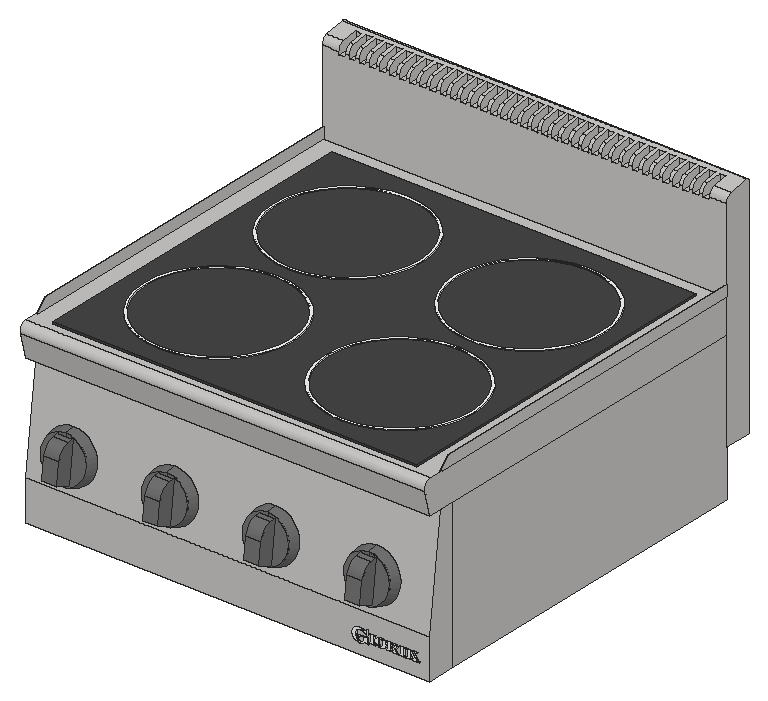
Revit family "QF_GIORIK_LPV6741", category Specialty Equipment, Revit 2014
Parameters (values of type "LPV6741")
  Weight in Pounds = 46.297
  Watts = 8000 W
  Volts = 230 V
  URL Cutsheet = "www.giorik.com"
  URL = "www.giorik.com"
  Status [instance] = ""
  Specification by User [instance] = ""
  Specification by Manufacturer = ""
  Show Logo [instance] = yes
  Show Clearance [instance] = yes
  Serial Number = ""
  Seismic Rating = ""
  SMACNA No = ""
  Revision Code [instance] = ""
  Phase = 1
  Number of Poles [instance] = 1
  NAFEM Spec ID Number = ""
  Model = "LPV6741"
  Min Ckt Ampacity = 0 A
  Max Overcurrent Protection = 0 A
  Masterspec = ""
  Manufacturer = "GIORIK"
  Item Number [instance] = ""
  Installed By [instance] = ""
  Identify Quantity as Lot [instance] = no
  HP = "10.728160000000"
  Furnished By [instance] = ""
  Foodservice Equipment Identifier [instance] = yes
  FL Amps = 0 A
  Electrical Remarks [instance] = ""
  Electric Connection Type [instance] = ""
  Elec Conn RI Height [instance] = 0 mm
  Elec Conn Connection Height [instance] = 45 mm
  Description = "VITROCERAMIC COOKING TOP 4 PLATES (220V)"
  Cycle = 50 Hz
  Conn Plug = ""
  CSI MasterFormat = ""
  Assembly Code = "E1090320"
  Apparent Power = 8000 VA
Reference planes
  plane 1 "Back": y = 0
  plane 2: z = 0
  plane 3 "Left": x = 0
  plane 4 "Right": x = 600
  plane 5 "Front": y = -600
  plane 6 "Top": z = 430
Forms (mm)
  Extrusion 1, solid
    sketch origin (0, 1000, -580) x (0, 1, 0) y (0, 0, 1)
      loop
        line (-1040.007, 869.975) -> (-1589.445, 869.975)
        arc (-1589.445, 869.975) -> (-1598.171, 865.672) -> (-1600.069, 856.13) r 10.999
        line (-1600.069, 856.13) -> (-1590.388, 820) -> (-1040.007, 820) -> (-1040.007, 869.975)
    from 0 to 600
  Extrusion 2, solid
    sketch origin (0, 0, -560) x (0, 1, 0) y (0, 0, 1)
      loop
        line (-570.06, 849.975) -> (-40.007, 849.975) -> (-40.007, 865.387) -> (-554.648, 865.387) -> (-570.06, 849.975)
    from 0 to 1.85
  Extrusion 3, solid
    sketch origin (0, 0, -560) x (0, 1, 0) y (0, 0, 1)
      loop
        line (-40.007, 800) -> (-550, 800) -> (-550, 580) -> (-40.007, 580) -> (-40.007, 800)
    from 0 to 600
  Extrusion 4, solid
    sketch origin (0, 0, -560) x (0, 1, 0) y (0, 0, 1)
      loop
        line (-550, 800) -> (-570.5, 800) -> (-590, 640) -> (-590, 580) -> (-550, 580) -> (-550, 800)
    from 0 to 600
  Revolve 5, solid
    sketch origin (75.155, -0.544, -560.03) x (0, 1, 0) y (0, 0, 1)
      loop
        line (-598.03, 706.389) -> (-594.27, 737.013) -> (-609.648, 734.852) -> (-613.772, 701.269) -> (-581.482, 697.305) -> (-580.629, 704.252) -> (-598.03, 706.389)
      axis (-581.482, 697.305) -> (-613.772, 701.269)
    angle from 0 to 360
  Extrusion 6, solid
    sketch origin (598.094, 0, -560) x (0, 1, 0) y (0, 0, 1)
      loop
        line (-570.06, 849.975) -> (-40.007, 849.975) -> (-40.007, 865.387) -> (-554.648, 865.387) -> (-570.06, 849.975)
    from -0.15 to 1.906
  Extrusion 7, solid
    sketch origin (0, 0, -560) x (0, 1, 0) y (0, 0, 1)
      loop
        line (-40.007, 974.217) -> (-40.007, 650.827) -> (0, 650.827) -> (0, 988.42)
        arc (0, 988.42) -> (-0.57, 989.648) -> (-1.878, 990) r 1.6
        line (-1.878, 990) -> (-31.072, 984.852)
        arc (-31.072, 984.852) -> (-37.477, 981.162) -> (-40.007, 974.217) r 10.797
    from 0 to 600
  Extrusion 8, solid
    sketch origin (-87.831, -0.544, -560.03) x (0, 1, 0) y (0, 0, 1)
      loop
        line (-635.843, 711.553) -> (-639.647, 680.575) -> (-617.415, 671.593) -> (-610.135, 730.882) -> (-617.934, 729.786)
        arc (-617.934, 729.786) -> (-629.982, 723.708) -> (-635.843, 711.553) r 20.998
    from 151.831 to 173.831
  Revolve 9, solid
    sketch origin (225.155, -0.544, -560.03) x (0, 1, 0) y (0, 0, 1)
      loop
        line (-598.03, 706.389) -> (-594.27, 737.013) -> (-609.648, 734.852) -> (-613.772, 701.269) -> (-581.482, 697.305) -> (-580.629, 704.252) -> (-598.03, 706.389)
      axis (-581.482, 697.305) -> (-613.772, 701.269)
    angle from 0 to 360
  Extrusion 10, solid
    sketch origin (62.169, -0.544, -560.03) x (0, 1, 0) y (0, 0, 1)
      loop
        line (-635.843, 711.553) -> (-639.647, 680.575) -> (-617.415, 671.593) -> (-610.135, 730.882) -> (-617.934, 729.786)
        arc (-617.934, 729.786) -> (-629.982, 723.708) -> (-635.843, 711.553) r 20.998
    from 151.831 to 173.831
  Revolve 11, solid
    sketch origin (375.155, -0.544, -560.03) x (0, 1, 0) y (0, 0, 1)
      loop
        line (-598.03, 706.389) -> (-594.27, 737.013) -> (-609.648, 734.852) -> (-613.772, 701.269) -> (-581.482, 697.305) -> (-580.629, 704.252) -> (-598.03, 706.389)
      axis (-581.482, 697.305) -> (-613.772, 701.269)
    angle from 0 to 360
  Extrusion 12, solid
    sketch origin (212.169, -0.544, -560.03) x (0, 1, 0) y (0, 0, 1)
      loop
        line (-635.843, 711.553) -> (-639.647, 680.575) -> (-617.415, 671.593) -> (-610.135, 730.882) -> (-617.934, 729.786)
        arc (-617.934, 729.786) -> (-629.982, 723.708) -> (-635.843, 711.553) r 20.998
    from 151.831 to 173.831
  Revolve 13, solid
    sketch origin (525.155, -0.544, -560.03) x (0, 1, 0) y (0, 0, 1)
      loop
        line (-598.03, 706.389) -> (-594.27, 737.013) -> (-609.648, 734.852) -> (-613.772, 701.269) -> (-581.482, 697.305) -> (-580.629, 704.252) -> (-598.03, 706.389)
      axis (-581.482, 697.305) -> (-613.772, 701.269)
    angle from 0 to 360
  Extrusion 14, solid
    sketch origin (362.169, -0.544, -560.03) x (0, 1, 0) y (0, 0, 1)
      loop
        line (-635.843, 711.553) -> (-639.647, 680.575) -> (-617.415, 671.593) -> (-610.135, 730.882) -> (-617.934, 729.786)
        arc (-617.934, 729.786) -> (-629.982, 723.708) -> (-635.843, 711.553) r 20.998
    from 151.831 to 173.831
  Extrusion 15, solid
    sketch origin (568.319, 0, -561) x (1, 0, 0) y (0, 0, 1)
      loop
        circle (-38.319, 606) r 12.5
    from 20.007 to 40.007
  Extrusion 16, solid, visible <- "Show Logo"
    sketch origin (391.604, -590.5, -6.113) x (-1, 0, 0) y (0, 0, 1)
      loop
        line (-118.824, 58.358) -> (-127.804, 58.358) -> (-125.523, 56.445) -> (-125.523, 48.027) -> (-127.804, 46.113) -> (-118.824, 46.113) -> (-121.105, 48.027) -> (-121.105, 56.445) -> (-118.824, 58.358)
      loop
        line (-163.721, 58.358) -> (-172.7, 58.358) -> (-170.42, 56.445) -> (-170.42, 48.027) -> (-172.7, 46.113) -> (-163.721, 46.113) -> (-166.001, 48.027) -> (-166.001, 56.445) -> (-163.721, 58.358)
      loop
        line (-174.332, 58.358) -> (-183.312, 58.358) -> (-181.031, 56.445) -> (-181.031, 52.435) -> (-186.419, 56.955) -> (-184.416, 58.358) -> (-191.268, 58.358) -> (-188.01, 56.839) -> (-185.455, 54.283) -> (-190.846, 47.858) -> (-193.396, 46.93) -> (-193.396, 46.113) -> (-184.416, 46.113) -> (-185.437, 47.571) -> (-182.443, 51.552) -> (-181.031, 50.894) -> (-181.031, 48.027) -> (-183.312, 46.113) -> (-174.332, 46.113) -> (-176.613, 48.027) -> (-176.613, 56.445) -> (-174.332, 58.358)
      loop
        line (-115.429, 62.063) -> (-115.429, 54.198)
        arc (-115.429, 54.198) -> (-111.618, 57.803) -> (-106.847, 59.986) r 16.039
        arc (-106.847, 59.986) -> (-103.314, 59.837) -> (-100.512, 57.68) r 5.851
        arc (-100.512, 57.68) -> (-98.815, 52.267) -> (-100.512, 46.853) r 9.479
        arc (-100.512, 46.853) -> (-102.406, 44.986) -> (-104.846, 43.93) r 7.236
        arc (-104.846, 43.93) -> (-107.728, 44.111) -> (-110.052, 45.825) r 5.11
        line (-110.052, 45.825) -> (-110.052, 52.001) -> (-116.141, 52.001) -> (-116.141, 45.503) -> (-117.893, 43.751) -> (-114.094, 44.769)
        arc (-114.094, 44.769) -> (-112.56, 44.947) -> (-111.129, 44.366) r 3.115
        arc (-111.129, 44.366) -> (-104.216, 42.091) -> (-97.303, 44.366) r 11.641
        arc (-97.303, 44.366) -> (-93.396, 52.107) -> (-97.303, 59.849) r 9.622
        arc (-97.303, 59.849) -> (-104.369, 62.174) -> (-111.435, 59.849) r 11.898
        line (-111.435, 59.849) -> (-115.429, 62.063)
      loop
        arc (-129.234, 56.068) -> (-135.893, 58.628) -> (-142.552, 56.068) r 9.941
        arc (-142.552, 56.068) -> (-144.234, 52.286) -> (-142.552, 48.505) r 5.093
        arc (-142.552, 48.505) -> (-135.893, 45.945) -> (-129.234, 48.505) r 9.941
        arc (-129.234, 48.505) -> (-127.552, 52.286) -> (-129.234, 56.068) r 5.093
      loop
        arc (-132.628, 54.403) -> (-135.893, 57.668) -> (-139.158, 54.403) r 3.265
        line (-139.158, 54.403) -> (-139.158, 50.169)
        arc (-139.158, 50.169) -> (-135.893, 46.904) -> (-132.628, 50.169) r 3.265
        line (-132.628, 50.169) -> (-132.628, 54.403)
      loop
        arc (-156.363, 58.365) -> (-159.647, 55.081) -> (-156.363, 51.796) r 3.285
        line (-156.363, 51.796) -> (-159.529, 47.306) -> (-162.087, 46.113) -> (-155.847, 46.113) -> (-153.529, 51.083) -> (-150.637, 51.083) -> (-150.637, 47.784) -> (-153.022, 46.113) -> (-144.011, 46.113) -> (-146.094, 47.68) -> (-146.094, 56.493) -> (-144.229, 58.365) -> (-156.363, 58.365)
      loop
        line (-150.637, 57.512) -> (-153.637, 57.512)
        arc (-153.637, 57.512) -> (-156.237, 54.912) -> (-153.637, 52.312) r 2.6
        line (-153.637, 52.312) -> (-150.637, 52.312) -> (-150.637, 57.512)
      loop
        line (-108.924, 52.001) -> (-104.936, 49.005) -> (-100.948, 52.001) -> (-108.924, 52.001)
    from 1.5 to -0.5
  Extrusion 17, void
    sketch origin (10, 0, 430) x (0, 1, 0) y (-1, 0, 0)
      loop
        line (-40.007, -25) -> (-9.931, -25) -> (-9.931, -15) -> (-40.007, -15) -> (-40.007, -25)
      loop
        line (-40.007, -40) -> (-9.931, -40) -> (-9.931, -30) -> (-40.007, -30) -> (-40.007, -40)
      loop
        line (-40.007, -55) -> (-9.931, -55) -> (-9.931, -45) -> (-40.007, -45) -> (-40.007, -55)
      loop
        line (-40.007, -70) -> (-9.931, -70) -> (-9.931, -60) -> (-40.007, -60) -> (-40.007, -70)
      loop
        line (-40.007, -85) -> (-9.931, -85) -> (-9.931, -75) -> (-40.007, -75) -> (-40.007, -85)
      loop
        line (-40.007, -100) -> (-9.931, -100) -> (-9.931, -90) -> (-40.007, -90) -> (-40.007, -100)
      loop
        line (-40.007, -115) -> (-9.931, -115) -> (-9.931, -105) -> (-40.007, -105) -> (-40.007, -115)
      loop
        line (-40.007, -130) -> (-9.931, -130) -> (-9.931, -120) -> (-40.007, -120) -> (-40.007, -130)
      loop
        line (-40.007, -145) -> (-9.931, -145) -> (-9.931, -135) -> (-40.007, -135) -> (-40.007, -145)
      loop
        line (-40.007, -160) -> (-9.931, -160) -> (-9.931, -150) -> (-40.007, -150) -> (-40.007, -160)
      loop
        line (-40.007, -175) -> (-9.931, -175) -> (-9.931, -165) -> (-40.007, -165) -> (-40.007, -175)
      loop
        line (-40.007, -190) -> (-9.931, -190) -> (-9.931, -180) -> (-40.007, -180) -> (-40.007, -190)
      loop
        line (-40.007, -205) -> (-9.931, -205) -> (-9.931, -195) -> (-40.007, -195) -> (-40.007, -205)
      loop
        line (-40.007, -220) -> (-9.931, -220) -> (-9.931, -210) -> (-40.007, -210) -> (-40.007, -220)
      loop
        line (-40.007, -235) -> (-9.931, -235) -> (-9.931, -225) -> (-40.007, -225) -> (-40.007, -235)
      loop
        line (-40.007, -250) -> (-9.931, -250) -> (-9.931, -240) -> (-40.007, -240) -> (-40.007, -250)
      loop
        line (-40.007, -265) -> (-9.931, -265) -> (-9.931, -255) -> (-40.007, -255) -> (-40.007, -265)
      loop
        line (-40.007, -280) -> (-9.931, -280) -> (-9.931, -270) -> (-40.007, -270) -> (-40.007, -280)
      loop
        line (-40.007, -295) -> (-9.931, -295) -> (-9.931, -285) -> (-40.007, -285) -> (-40.007, -295)
      loop
        line (-40.007, -310) -> (-9.931, -310) -> (-9.931, -300) -> (-40.007, -300) -> (-40.007, -310)
      loop
        line (-40.007, -325) -> (-9.931, -325) -> (-9.931, -315) -> (-40.007, -315) -> (-40.007, -325)
      loop
        line (-40.007, -340) -> (-9.931, -340) -> (-9.931, -330) -> (-40.007, -330) -> (-40.007, -340)
      loop
        line (-40.007, -355) -> (-9.931, -355) -> (-9.931, -345) -> (-40.007, -345) -> (-40.007, -355)
      loop
        line (-40.007, -370) -> (-9.931, -370) -> (-9.931, -360) -> (-40.007, -360) -> (-40.007, -370)
      loop
        line (-40.007, -385) -> (-9.931, -385) -> (-9.931, -375) -> (-40.007, -375) -> (-40.007, -385)
      loop
        line (-40.007, -400) -> (-9.931, -400) -> (-9.931, -390) -> (-40.007, -390) -> (-40.007, -400)
      loop
        line (-40.007, -415) -> (-9.931, -415) -> (-9.931, -405) -> (-40.007, -405) -> (-40.007, -415)
      loop
        line (-40.007, -430) -> (-9.931, -430) -> (-9.931, -420) -> (-40.007, -420) -> (-40.007, -430)
      loop
        line (-40.007, -445) -> (-9.931, -445) -> (-9.931, -435) -> (-40.007, -435) -> (-40.007, -445)
      loop
        line (-40.007, -460) -> (-9.931, -460) -> (-9.931, -450) -> (-40.007, -450) -> (-40.007, -460)
      loop
        line (-40.007, -475) -> (-9.931, -475) -> (-9.931, -465) -> (-40.007, -465) -> (-40.007, -475)
      loop
        line (-40.007, -490) -> (-9.931, -490) -> (-9.931, -480) -> (-40.007, -480) -> (-40.007, -490)
      loop
        line (-40.007, -505) -> (-9.931, -505) -> (-9.931, -495) -> (-40.007, -495) -> (-40.007, -505)
      loop
        line (-40.007, -520) -> (-9.931, -520) -> (-9.931, -510) -> (-40.007, -510) -> (-40.007, -520)
      loop
        line (-40.007, -535) -> (-9.931, -535) -> (-9.931, -525) -> (-40.007, -525) -> (-40.007, -535)
      loop
        line (-40.007, -550) -> (-9.931, -550) -> (-9.931, -540) -> (-40.007, -540) -> (-40.007, -550)
      loop
        line (-40.007, -565) -> (-9.931, -565) -> (-9.931, -555) -> (-40.007, -555) -> (-40.007, -565)
    from 0 to -20
  Extrusion 18, solid
    sketch origin (566.603, 15.293, -30) x (0, 1, 0) y (-1, 0, 0)
      loop
        circle (-79.293, 516.603) r 5
    from 41.965 to 50
  Revolve 19, solid
    sketch origin (50, 19.943, -600) x (0, 1, 0) y (0, 0, 1)
      loop
        line (-83.943, 611.965) -> (-94.752, 611.965) -> (-97.943, 600) -> (-83.943, 600) -> (-83.943, 611.965)
      axis (-83.943, 611.965) -> (-83.943, 600)
    angle from 0 to 360
  Extrusion 20, solid
    sketch origin (33.397, 15.293, -30) x (0, 1, 0) y (-1, 0, 0)
      loop
        circle (-79.293, -516.603) r 5
    from 41.965 to 50
  Revolve 21, solid
    sketch origin (550, 19.943, -600) x (0, 1, 0) y (0, 0, -1)
      loop
        line (-83.943, -611.965) -> (-83.943, -600) -> (-97.943, -600) -> (-94.752, -611.965) -> (-83.943, -611.965)
      axis (-83.943, -611.965) -> (-83.943, -600)
    angle from 0 to 360
  Extrusion 22, solid
    sketch origin (566.603, -459.707, -30) x (0, 1, 0) y (-1, 0, 0)
      loop
        circle (-79.293, 516.603) r 5
    from 41.965 to 50
  Revolve 23, solid
    sketch origin (50, -455.057, -600) x (0, 1, 0) y (0, 0, 1)
      loop
        line (-83.943, 611.965) -> (-94.752, 611.965) -> (-97.943, 600) -> (-83.943, 600) -> (-83.943, 611.965)
      axis (-83.943, 611.965) -> (-83.943, 600)
    angle from 0 to 360
  Extrusion 24, solid
    sketch origin (33.397, -459.707, -30) x (0, 1, 0) y (-1, 0, 0)
      loop
        circle (-79.293, -516.603) r 5
    from 41.965 to 50
  Revolve 25, solid
    sketch origin (550, -455.057, -600) x (0, 1, 0) y (0, 0, -1)
      loop
        line (-83.943, -611.965) -> (-83.943, -600) -> (-97.943, -600) -> (-94.752, -611.965) -> (-83.943, -611.965)
      axis (-83.943, -611.965) -> (-83.943, -600)
    angle from 0 to 360
  Extrusion 26, solid
    sketch origin (-49.535, 28.362, 241.975) x (0, 1, 0) y (-1, 0, 0)
      loop
        line (-606, -79.535) -> (-606, -619.535) -> (-89, -619.535) -> (-89, -79.535) -> (-606, -79.535)
    from 48 to 50
  Extrusion 27, solid
    sketch origin (-24.985, -670.638, 269.463) x (0, -1, 0) y (1, 0, 0)
      loop
        circle (-231.5, 189.999) r 110
      loop
        circle (-231.5, 189.999) r 106.5
    from 23 to 20.512
  Extrusion 28, solid
    sketch origin (-24.985, -430.638, 269.463) x (0, -1, 0) y (1, 0, 0)
      loop
        circle (-231.5, 189.999) r 110
      loop
        circle (-231.5, 189.999) r 106.5
    from 23 to 20.512
  Extrusion 29, solid
    sketch origin (245.051, -671.503, 269.463) x (0, -1, 0) y (1, 0, 0)
      loop
        circle (-231.5, 189.999) r 110
      loop
        circle (-231.5, 189.999) r 106.5
    from 23 to 20.512
  Extrusion 30, solid
    sketch origin (245.051, -431.503, 269.463) x (0, -1, 0) y (1, 0, 0)
      loop
        circle (-231.5, 189.999) r 110
      loop
        circle (-231.5, 189.999) r 106.5
    from 23 to 20.512
Cuts and joins
  Extrusion 17 cuts Extrusion 7
Lines and regions (mm)
  symbolic lines, style "200-EquipBorder-2D"
    curve 1: line (600, 0, 0) -> (0, 0, 0)
    curve 2: line (0, 0, 0) -> (0, -600, 0)
    curve 119: line (600, -600, 430) -> (600, 0, 430)
    curve 132: line (600, -600, 430) -> (0, -600, 430)
    curve 133: spline (64, -618.202, 990) -> (60.789, -618.041, 990) -> (57.73, -617.841, 990) -> (54.856, -617.604, 990) -> (52.196, -617.332, 990) -> (49.779, -617.028, 990) -> (47.63, -616.696, 990) -> (45.772, -616.338, 990) -> (44.225, -615.96, 990) -> (43.004, -615.563, 990) -> (42.122, -615.154, 990) -> (41.59, -614.736, 990) -> (41.412, -614.313, 990)
    curve 134: spline (109.073, -614.408, 990) -> (108.819, -614.826, 990) -> (108.218, -615.239, 990) -> (107.275, -615.643, 990) -> (106.001, -616.033, 990) -> (104.408, -616.405, 990) -> (102.513, -616.755, 990) -> (100.336, -617.08, 990) -> (97.898, -617.376, 990) -> (95.227, -617.641, 990) -> (92.348, -617.871, 990) -> (89.293, -618.065, 990) -> (86.091, -618.219, 990)
    curve 135: line (41.412, -614.313, 990) -> (37.459, -600, 990)
    curve 136: line (109.073, -614.408, 990) -> (112.839, -600, 990)
    curve 137: line (64, -640.19, 430) -> (64, -610.679, 430)
    curve 138: line (64, -640.19, 430) -> (86, -640.19, 430)
    curve 139: line (86, -640.19, 430) -> (86, -610.679, 430)
    curve 140: spline (41.412, -614.313, 430) -> (42.564, -613.264, 430) -> (45.941, -612.286, 430) -> (51.314, -611.446, 430) -> (58.316, -610.802, 430) -> (66.47, -610.396, 430) -> (75.22, -610.258, 430) -> (83.97, -610.396, 430) -> (92.124, -610.802, 430) -> (99.126, -611.446, 430) -> (104.499, -612.286, 430) -> (107.877, -613.264, 430) -> (109.029, -614.313, 430)
    curve 141: line (64, -610.679, 430) -> (86, -610.679, 430)
    curve 142: spline (214, -618.202, 990) -> (210.789, -618.041, 990) -> (207.73, -617.841, 990) -> (204.856, -617.604, 990) -> (202.196, -617.332, 990) -> (199.779, -617.028, 990) -> (197.63, -616.696, 990) -> (195.772, -616.338, 990) -> (194.225, -615.96, 990) -> (193.004, -615.563, 990) -> (192.122, -615.154, 990) -> (191.59, -614.736, 990) -> (191.412, -614.313, 990)
    curve 143: spline (259.073, -614.408, 990) -> (258.819, -614.826, 990) -> (258.218, -615.239, 990) -> (257.275, -615.643, 990) -> (256.001, -616.033, 990) -> (254.408, -616.405, 990) -> (252.513, -616.755, 990) -> (250.336, -617.08, 990) -> (247.898, -617.376, 990) -> (245.227, -617.641, 990) -> (242.348, -617.871, 990) -> (239.293, -618.065, 990) -> (236.091, -618.219, 990)
    curve 144: line (191.412, -614.313, 990) -> (187.459, -600, 990)
    curve 145: line (259.073, -614.408, 990) -> (262.839, -600, 990)
    curve 146: line (214, -640.19, 430) -> (214, -610.679, 430)
    curve 147: line (214, -640.19, 430) -> (236, -640.19, 430)
    curve 148: line (236, -640.19, 430) -> (236, -610.679, 430)
    curve 149: spline (191.412, -614.313, 430) -> (192.564, -613.264, 430) -> (195.941, -612.286, 430) -> (201.314, -611.446, 430) -> (208.316, -610.802, 430) -> (216.47, -610.396, 430) -> (225.22, -610.258, 430) -> (233.97, -610.396, 430) -> (242.124, -610.802, 430) -> (249.126, -611.446, 430) -> (254.499, -612.286, 430) -> (257.877, -613.264, 430) -> (259.029, -614.313, 430)
    curve 150: line (214, -610.679, 430) -> (236, -610.679, 430)
    curve 151: spline (364, -618.202, 990) -> (360.789, -618.041, 990) -> (357.73, -617.841, 990) -> (354.856, -617.604, 990) -> (352.196, -617.332, 990) -> (349.779, -617.028, 990) -> (347.63, -616.696, 990) -> (345.772, -616.338, 990) -> (344.225, -615.96, 990) -> (343.004, -615.563, 990) -> (342.122, -615.154, 990) -> (341.59, -614.736, 990) -> (341.412, -614.313, 990)
    curve 152: spline (409.073, -614.408, 990) -> (408.819, -614.826, 990) -> (408.218, -615.239, 990) -> (407.275, -615.643, 990) -> (406.001, -616.033, 990) -> (404.408, -616.405, 990) -> (402.513, -616.755, 990) -> (400.336, -617.08, 990) -> (397.898, -617.376, 990) -> (395.227, -617.641, 990) -> (392.348, -617.871, 990) -> (389.293, -618.065, 990) -> (386.091, -618.219, 990)
    curve 153: line (341.412, -614.313, 990) -> (337.459, -600, 990)
    curve 154: line (409.073, -614.408, 990) -> (412.839, -600, 990)
    curve 155: line (364, -640.19, 430) -> (364, -610.679, 430)
    curve 156: line (364, -640.19, 430) -> (386, -640.19, 430)
    curve 157: line (386, -640.19, 430) -> (386, -610.679, 430)
    curve 158: spline (341.412, -614.313, 430) -> (342.564, -613.264, 430) -> (345.941, -612.286, 430) -> (351.314, -611.446, 430) -> (358.316, -610.802, 430) -> (366.47, -610.396, 430) -> (375.22, -610.258, 430) -> (383.97, -610.396, 430) -> (392.124, -610.802, 430) -> (399.126, -611.446, 430) -> (404.499, -612.286, 430) -> (407.877, -613.264, 430) -> (409.029, -614.313, 430)
    curve 159: line (364, -610.679, 430) -> (386, -610.679, 430)
    curve 160: spline (514, -618.202, 990) -> (510.789, -618.041, 990) -> (507.73, -617.841, 990) -> (504.856, -617.604, 990) -> (502.196, -617.332, 990) -> (499.779, -617.028, 990) -> (497.63, -616.696, 990) -> (495.772, -616.338, 990) -> (494.225, -615.96, 990) -> (493.004, -615.563, 990) -> (492.122, -615.154, 990) -> (491.59, -614.736, 990) -> (491.412, -614.313, 990)
    curve 161: spline (559.073, -614.408, 990) -> (558.819, -614.826, 990) -> (558.218, -615.239, 990) -> (557.275, -615.643, 990) -> (556.001, -616.033, 990) -> (554.408, -616.405, 990) -> (552.513, -616.755, 990) -> (550.336, -617.08, 990) -> (547.898, -617.376, 990) -> (545.227, -617.641, 990) -> (542.348, -617.871, 990) -> (539.293, -618.065, 990) -> (536.091, -618.219, 990)
    curve 162: line (491.412, -614.313, 990) -> (487.459, -600, 990)
    curve 163: line (559.073, -614.408, 990) -> (562.839, -600, 990)
    curve 164: line (514, -640.19, 430) -> (514, -610.679, 430)
    curve 165: line (514, -640.19, 430) -> (536, -640.19, 430)
    curve 166: line (536, -640.19, 430) -> (536, -610.679, 430)
    curve 167: spline (491.412, -614.313, 430) -> (492.564, -613.264, 430) -> (495.941, -612.286, 430) -> (501.314, -611.446, 430) -> (508.316, -610.802, 430) -> (516.47, -610.396, 430) -> (525.22, -610.258, 430) -> (533.97, -610.396, 430) -> (542.124, -610.802, 430) -> (549.126, -611.446, 430) -> (554.499, -612.286, 430) -> (557.877, -613.264, 430) -> (559.029, -614.313, 430)
    curve 168: line (514, -610.679, 430) -> (536, -610.679, 430)
  symbolic lines, style "200-EquipInternal-2D"
    curve 3: line (600, -40.007, 430) -> (0, -40.007, 430)
    curve 4: line (597.944, -570.06, 430) -> (600, -570.06, 430)
    curve 5: line (597.944, -40.007, 430) -> (597.944, -570.06, 430)
    curve 6: line (0, -570.06, 430) -> (1.85, -570.06, 430)
    curve 7: line (1.85, -570.06, 430) -> (1.85, -40.007, 430)
    curve 8: line (25, -9.931, 290) -> (25, -40.007, 290)
    curve 9: line (35, -40.007, 290) -> (35, -9.931, 290)
    curve 10: line (40, -9.931, 290) -> (40, -40.007, 290)
    curve 11: line (50, -40.007, 290) -> (50, -9.931, 290)
    curve 12: line (55, -9.931, 290) -> (55, -40.007, 290)
    curve 13: line (65, -40.007, 290) -> (65, -9.931, 290)
    curve 14: line (85, -9.931, 290) -> (85, -40.007, 290)
    curve 15: line (95, -40.007, 290) -> (95, -9.931, 290)
    curve 16: line (100, -9.931, 290) -> (100, -40.007, 290)
    curve 17: line (110, -40.007, 290) -> (110, -9.931, 290)
    curve 18: line (140, -40.007, 290) -> (140, -9.931, 290)
    curve 19: line (130, -9.931, 290) -> (130, -40.007, 290)
    curve 20: line (155, -40.007, 290) -> (155, -9.931, 290)
    curve 21: line (160, -9.931, 290) -> (160, -40.007, 290)
    curve 22: line (170, -40.007, 290) -> (170, -9.931, 290)
    curve 23: line (145, -9.931, 290) -> (145, -40.007, 290)
    curve 24: line (200, -40.007, 290) -> (200, -9.931, 290)
    curve 25: line (190, -9.931, 290) -> (190, -40.007, 290)
    curve 26: line (205, -9.931, 290) -> (205, -40.007, 290)
    curve 27: line (215, -40.007, 290) -> (215, -9.931, 290)
    curve 28: line (220, -9.931, 290) -> (220, -40.007, 290)
    curve 29: line (230, -40.007, 290) -> (230, -9.931, 290)
    curve 30: line (250, -9.931, 290) -> (250, -40.007, 290)
    curve 31: line (260, -40.007, 290) -> (260, -9.931, 290)
    curve 32: line (265, -9.931, 290) -> (265, -40.007, 290)
    curve 33: line (275, -40.007, 290) -> (275, -9.931, 290)
    curve 34: line (280, -9.931, 290) -> (280, -40.007, 290)
    curve 35: line (290, -40.007, 290) -> (290, -9.931, 290)
    curve 36: line (320, -40.007, 290) -> (320, -9.931, 290)
    curve 37: line (310, -9.931, 290) -> (310, -40.007, 290)
    curve 38: line (335, -40.007, 290) -> (335, -9.931, 290)
    curve 39: line (325, -9.931, 290) -> (325, -40.007, 290)
    curve 40: line (340, -9.931, 290) -> (340, -40.007, 290)
    curve 41: line (350, -40.007, 290) -> (350, -9.931, 290)
    curve 42: line (370, -9.931, 290) -> (370, -40.007, 290)
    curve 43: line (380, -40.007, 290) -> (380, -9.931, 290)
    curve 44: line (385, -9.931, 290) -> (385, -40.007, 290)
    curve 45: line (395, -9.931, 290) -> (385, -9.931, 290)
    curve 46: line (380, -9.931, 290) -> (370, -9.931, 290)
    curve 47: line (350, -9.931, 290) -> (340, -9.931, 290)
    curve 48: line (335, -9.931, 290) -> (325, -9.931, 290)
    curve 49: line (320, -9.931, 290) -> (310, -9.931, 290)
    curve 50: line (275, -9.931, 290) -> (265, -9.931, 290)
    curve 51: line (110, -9.931, 290) -> (100, -9.931, 290)
    curve 52: line (95, -9.931, 290) -> (85, -9.931, 290)
    curve 53: line (65, -9.931, 290) -> (55, -9.931, 290)
    curve 54: line (35, -9.931, 290) -> (25, -9.931, 290)
    curve 55: line (140, -9.931, 290) -> (130, -9.931, 290)
    curve 56: line (155, -9.931, 290) -> (145, -9.931, 290)
    curve 57: line (170, -9.931, 290) -> (160, -9.931, 290)
    curve 58: line (200, -9.931, 290) -> (190, -9.931, 290)
    curve 59: line (215, -9.931, 290) -> (205, -9.931, 290)
    curve 60: line (230, -9.931, 290) -> (220, -9.931, 290)
    curve 61: line (260, -9.931, 290) -> (250, -9.931, 290)
    curve 62: line (50, -9.931, 290) -> (40, -9.931, 290)
    curve 63: line (70, -9.931, 430) -> (70, -40.007, 430)
    curve 64: line (80, -40.007, 430) -> (80, -9.931, 430)
    curve 65: line (80, -9.931, 430) -> (70, -9.931, 430)
    curve 66: line (115, -9.931, 430) -> (115, -40.007, 430)
    curve 67: line (125, -40.007, 430) -> (125, -9.931, 430)
    curve 68: line (125, -9.931, 430) -> (115, -9.931, 430)
    curve 69: line (175, -9.931, 430) -> (175, -40.007, 430)
    curve 70: line (185, -40.007, 430) -> (185, -9.931, 430)
    curve 71: line (185, -9.931, 430) -> (175, -9.931, 430)
    curve 72: line (235, -9.931, 430) -> (235, -40.007, 430)
    curve 73: line (245, -40.007, 430) -> (245, -9.931, 430)
    curve 74: line (245, -9.931, 430) -> (235, -9.931, 430)
    curve 75: line (290, -9.931, 430) -> (280, -9.931, 430)
    curve 76: line (305, -9.931, 430) -> (295, -9.931, 430)
    curve 77: line (295, -9.931, 430) -> (295, -40.007, 430)
    curve 78: line (305, -40.007, 430) -> (305, -9.931, 430)
    curve 79: line (355, -9.931, 430) -> (355, -40.007, 430)
    curve 80: line (365, -40.007, 430) -> (365, -9.931, 430)
    curve 81: line (365, -9.931, 430) -> (355, -9.931, 430)
    curve 82: line (395, -40.007, 430) -> (395, -9.931, 430)
    curve 83: line (400, -9.931, 430) -> (400, -40.007, 430)
    curve 84: line (410, -40.007, 430) -> (410, -9.931, 430)
    curve 85: line (410, -9.931, 430) -> (400, -9.931, 430)
    curve 86: line (425, -9.931, 430) -> (415, -9.931, 430)
    curve 87: line (415, -9.931, 430) -> (415, -40.007, 430)
    curve 88: line (425, -40.007, 430) -> (425, -9.931, 430)
    curve 89: line (430, -9.931, 430) -> (430, -40.007, 430)
    curve 90: line (440, -40.007, 430) -> (440, -9.931, 430)
    curve 91: line (440, -9.931, 430) -> (430, -9.931, 430)
    curve 92: line (445, -9.931, 430) -> (445, -40.007, 430)
    curve 93: line (455, -40.007, 430) -> (455, -9.931, 430)
    curve 94: line (460, -9.931, 430) -> (460, -40.007, 430)
    curve 95: line (470, -40.007, 430) -> (470, -9.931, 430)
    curve 96: line (475, -9.931, 430) -> (475, -40.007, 430)
    curve 97: line (485, -40.007, 430) -> (485, -9.931, 430)
    curve 98: line (490, -9.931, 430) -> (490, -40.007, 430)
    curve 99: line (500, -40.007, 430) -> (500, -9.931, 430)
    curve 100: line (505, -9.931, 430) -> (505, -40.007, 430)
    curve 101: line (515, -40.007, 430) -> (515, -9.931, 430)
    curve 102: line (520, -9.931, 430) -> (520, -40.007, 430)
    curve 103: line (530, -40.007, 430) -> (530, -9.931, 430)
    curve 104: line (535, -9.931, 430) -> (535, -40.007, 430)
    curve 105: line (545, -40.007, 430) -> (545, -9.931, 430)
    curve 106: line (550, -9.931, 430) -> (550, -40.007, 430)
    curve 107: line (560, -40.007, 430) -> (560, -9.931, 430)
    curve 108: line (565, -9.931, 430) -> (565, -40.007, 430)
    curve 109: line (455, -9.931, 430) -> (445, -9.931, 430)
    curve 110: line (470, -9.931, 430) -> (460, -9.931, 430)
    curve 111: line (485, -9.931, 430) -> (475, -9.931, 430)
    curve 112: line (500, -9.931, 430) -> (490, -9.931, 430)
    curve 113: line (515, -9.931, 430) -> (505, -9.931, 430)
    curve 114: line (530, -9.931, 430) -> (520, -9.931, 430)
    curve 115: line (545, -9.931, 430) -> (535, -9.931, 430)
    curve 116: line (560, -9.931, 430) -> (550, -9.931, 430)
    curve 117: line (575, -9.931, 430) -> (565, -9.931, 430)
    curve 118: line (575, -40.007, 430) -> (575, -9.931, 430)
    curve 120: circle (165.014, -199.138, 290) r 106.5 normal (0, 0, 1)
    curve 121: circle (165.014, -199.138, 290) r 110 normal (0, 0, 1)
    curve 122: circle (165.014, -439.138, 290) r 106.5 normal (0, 0, 1)
    curve 123: circle (165.014, -439.138, 290) r 110 normal (0, 0, 1)
    curve 124: circle (435.05, -200.003, 290) r 106.5 normal (0, 0, 1)
    curve 125: circle (435.05, -200.003, 290) r 110 normal (0, 0, 1)
    curve 126: circle (435.05, -440.003, 290) r 106.5 normal (0, 0, 1)
    curve 127: circle (435.05, -440.003, 290) r 110 normal (0, 0, 1)
    curve 128: line (30, -60.638, 430) -> (30, -577.638, 430)
    curve 129: line (30, -577.638, 430) -> (570, -577.638, 430)
    curve 130: line (570, -60.638, 430) -> (30, -60.638, 430)
    curve 131: line (570, -577.638, 430) -> (570, -60.638, 430)
Dimensions and locks
  plane 3 "Left" to plane 4 "Right" = 600 mm
  plane 5 "Front" to plane 1 "Back" = 600 mm
  plane 4 "Right" to plane 3 "Left" = 600 mm
  plane 1 "Back" to plane 5 "Front" = 600 mm
  plane 6 "Top" to level = 430 mm  (x2)
  aligned and locked: level to plane 2
Connectors
  electrical at (530, -20.007, 45), driven by "Apparent Power", driven by "Volts", driven by "Number of Poles"
    settings: on Extrusion 15, index 1, voltage 230 V, apparent load 0 VA, apparent load phase1 8000 VA, apparent load phase2 0 VA, apparent load phase3 0 VA, power factor 1, load classification "Other", number of poles 1, system type 31, power factor state 1, is connector primary yes, connector utility no, sub classification motor no, connector description "Electrical connection"
